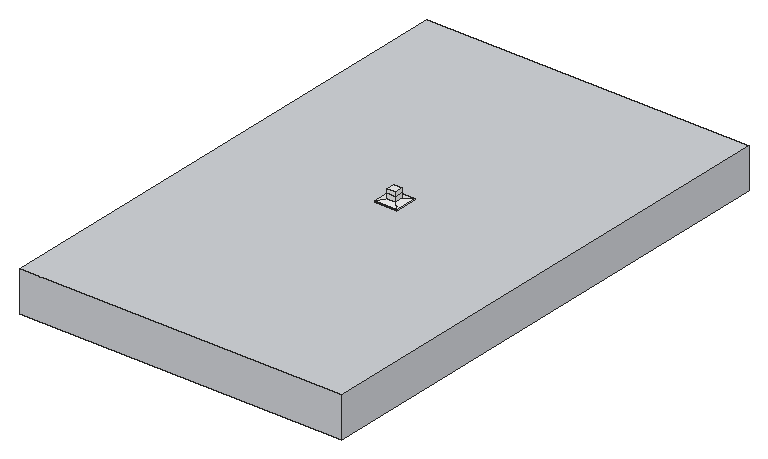
Revit family "Diverter-GROHE-Allure_Brilliant-19799000", category Plumbing Fixtures, host Face, Revit 2014
Parameters (values of type "19799000")
  Width = 6 11/16"  # constant formula
  Waste Connection = no
  Warranty Documentation Link = "https://cdn.cloud.grohe.com/tpi/1000/1900/1940/1949/1949006/original/1949006.pdf"
  WFU = 4  # constant formula
  Vent Connection = no
  URL = "https://www.grohe.us/"
  Type Comments = ""
  Tempered Connection Radius = Tempered Connection Diameter / 2  # 1/4"
  Tempered Connection Diameter = Hot Water Connection Diameter  # 1/2"
  Shipping Weight = 0.838 lbf
  Product Page URL = "https://www.grohe.us/en_us/grohe-allure-brilliant-5-port-diverter-trim-19799000.html"
  Price = "Prices may vary. Please consult Manufacturer Representative for most up-to-date price list."  # constant formula
  Model = "19799000"
  Material = "Metal-Grohe-000-Chrome"
  Manufacturer = "Grohe"
  Length = 3 7/16"  # constant formula
  Installation Type = "Wall Mounted"
  Hot Water Connection Radius = Hot Water Connection Diameter / 2  # 1/4"
  Hot Water Connection Diameter = Cold Water Connection Diameter  # 1/2"
  Height = 40"
  HWFU = 3  # constant formula
  HW Connection = yes
  Flow Rate = "14 gpm at 45 psi"
  Finish = Metal-Grohe-000-Chrome
  Description = "Allure Brilliant 5-Port Diverter Trim"  # constant formula
  Default Elevation = 44"  # constant formula
  Creation Date = "06/22/2017"  # constant formula
  Cold Water Connection Radius = 1/4"  # constant formula
  Cold Water Connection Diameter = Cold Water Connection Radius * 2  # 1/2"
  CWFU = 3  # constant formula
  CW Connection = yes
  Assembly Code = "D2010710"
Reference planes (in)
  plane 1 "Center (Front/Back)": y = 0
  plane 2: z = 0
  plane 3 "Center (Left/Right)": x = 0
  plane 4: y = 40
  plane 5: y = -18
  plane 6: y = -39
  plane 7: y = 3.34375
  plane 8: y = -3.34375
  plane 9: x = 3.34375
  plane 10: x = -3.34375
  plane 11: z = 0.75
  plane 12: y = 1.25
  plane 13: y = -1.25
  plane 14: x = -1.25
  plane 15: x = 1.25
Forms (in)
  Extrusion 1, solid
    sketch origin (0, 0, 0) x (1, 0, 0) y (0, 1, 0)
      loop
        line (-48, 72) -> (-48, -79.70833) -> (48, -79.70833) -> (48, 72) -> (-48, 72)
    from 0 to -12
  Sweep 2, solid, material "Metal-Grohe-000-Chrome" <- "Finish"
    path origin (0, 0, 0) x (1, 0, 0) y (0, 1, 0)
      loop
        line (-3.34375, 3.34375) -> (-3.34375, -3.34375) -> (3.34375, -3.34375) -> (3.34375, 3.34375) -> (-3.34375, 3.34375)
    profile origin (0, 3.34375, 0) x (0, 1, 0) y (0, 0, 1)
      loop
        line (0, 0) -> (0, 0.30718) -> (-2.09375, 0.75) -> (-2.33951, 0.75) -> (-2.33951, 0) -> (0, 0)
  Extrusion 3, solid, material "Metal-Grohe-000-Chrome" <- "Finish"
    sketch origin (0, 0, 0) x (1, 0, 0) y (0, 1, 0)
      loop
        line (-1.25, 1.25) -> (-1.25, -1.25) -> (1.25, -1.25) -> (1.25, 1.25) -> (-1.25, 1.25)
    from 0 to 3.38282
  Extrusion 4, void
    sketch origin (0, 0, 0.79239) x (1, 0, 0) y (0, 1, 0)
      loop
        line (-1.1875, 1.1875) -> (-1.1875, -1.1875) -> (1.1875, -1.1875) -> (1.1875, 1.1875) -> (-1.1875, 1.1875)
      loop
        line (-1.3125, 1.3125) -> (-1.3125, -1.3125) -> (1.3125, -1.3125) -> (1.3125, 1.3125) -> (-1.3125, 1.3125)
    from 1.38932 to 1.45249
Cuts and joins
  Extrusion 4 cuts Extrusion 3
  joined: Sweep 2, Extrusion 3
Lines and regions (in)
  Masking region 1
    outline origin (0, 0, 0) x (1, 0, 0) y (0, 0, 1)
      loop
        line (3.34375, 0) -> (3.34375, 0.30718) -> (1.25, 0.75) -> (1.25, 2.18172) -> (1.1875, 2.18172) -> (1.1875, 2.24488) -> (1.25, 2.24488) -> (1.25, 3.38282) -> (-1.25, 3.38282) -> (-1.25, 2.24488) -> (-1.1875, 2.24488) -> (-1.1875, 2.18172) -> (-1.25, 2.18172) -> (-1.25, 0.75) -> (-3.34375, 0.30718) -> (-3.34375, 0) -> (3.34375, 0)
  symbolic lines, detail levels medium+fine
    curve 1: line (1.25, 0, 0.75) -> (-1.25, 0, 0.75)
  symbolic lines, detail levels fine
    curve 2: line (3.34375, 0, 0.30718) -> (-3.34375, 0, 0.30718)
    curve 3: line (1.1875, 0, 2.18172) -> (-1.1875, 0, 2.18172)
    curve 4: line (1.1875, 0, 2.24488) -> (-1.1875, 0, 2.24488)
    curve 5: line (0.13131, 0, 3.20601) -> (-0.12889, 0, 3.20601)
    curve 6: line (0.13131, 0, 2.4259) -> (0.13131, 0, 3.20601)
    curve 7: line (-0.12889, 0, 2.4259) -> (0.13131, 0, 2.4259)
    curve 8: line (-0.12889, 0, 3.20601) -> (-0.12889, 0, 2.4259)
Dimensions and locks (in)
  plane 1 "Center (Front/Back)" to plane 5 = 18"
  plane 5 to plane 6 = 21"
  plane 1 "Center (Front/Back)" to plane 4 = 40"
  equal spacing: plane 7, plane 1 "Center (Front/Back)", plane 8
  plane 7 to plane 8 = 6 11/16"
  plane 11 to level = 3/4"
  aligned and locked: plane 2 to Extrusion 1
  aligned and locked: level to Extrusion 1
Automatic sketch dimensions
  Extrusion 1 sketch curve to Extrusion 1 sketch curve = 96"
  Extrusion 1 sketch curve to Extrusion 1 sketch curve = 151.70833"
  Sweep 2 sketch curve to plane 8 = 0"
  Sweep 2 sketch curve to plane 10 = 0"
  Sweep 2 sketch curve to plane 9 = 0"
  plane 7 to Sweep 2 sketch curve = 0"
  Sweep 2 sketch curve to level = 0"
  Sweep 2 sketch curve to profile plane = 0"
  level to Sweep 2 sketch curve = 3/4"
  profile plane to Sweep 2 sketch curve = 2 3/32"
  Sweep 2 sketch curve to Sweep 2 sketch curve = 0.24576"
  level to Sweep 2 sketch curve = 0.30718"
  plane 13 to Extrusion 3 sketch curve = 0"
  Extrusion 3 sketch curve to plane 14 = 0"
  Extrusion 3 sketch curve to plane 15 = 0"
  Extrusion 3 sketch curve to plane 12 = 0"
  plane 14 to Extrusion 4 sketch curve = 1/16"
  Extrusion 4 sketch curve to plane 14 = 1/16"
  Extrusion 4 sketch curve to plane 15 = 1/16"
  plane 15 to Extrusion 4 sketch curve = 1/16"
  plane 13 to Extrusion 4 sketch curve = 1/16"
  Extrusion 4 sketch curve to plane 13 = 1/16"
  Extrusion 4 sketch curve to plane 12 = 1/16"
  plane 12 to Extrusion 4 sketch curve = 1/16"
  Masking region 1 sketch curve to level = 0"
  Masking region 1 sketch curve to plane 10 = 0"
  plane 14 to Masking region 1 sketch curve = 0"  (x2)
  Masking region 1 sketch curve to plane 15 = 0"  (x2)
  plane 9 to Masking region 1 sketch curve = 0"
  Masking region 1 sketch curve to Masking region 1 sketch curve = 1/16"  (x2)
  level to Masking region 1 sketch curve = 0.30718"  (x2)
  Masking region 1 sketch curve to Masking region 1 sketch curve = 0.06317"  (x2)
  Masking region 1 sketch curve to Masking region 1 sketch curve = 1.13794"
  curve 2 to plane 10 = 0"
  curve 1 to plane 11 = 0"
  plane 14 to curve 1 = 0"
  curve 1 to plane 15 = 0"
  plane 9 to curve 2 = 0"
  curve 8 to plane 3 "Center (Left/Right)" = 33/256"
  plane 3 "Center (Left/Right)" to curve 6 = 0.13131"
  plane 11 to curve 7 = 1.6759"
  curve 6 to curve 6 = 0.7801"
  curve 3 to plane 14 = 1/16"
  curve 4 to plane 14 = 1/16"
  curve 3 to plane 15 = 1/16"
  curve 4 to plane 15 = 1/16"
  level to curve 2 = 0.30718"
  curve 3 to curve 4 = 0.06317"
  curve 3 to curve 7 = 0.24418"
  Masking region 1 sketch curve to plane 11 = 0"  (x2)
  Masking region 1 sketch curve to Masking region 1 sketch curve = 1.2011"
  Masking region 1 sketch curve to Masking region 1 sketch curve = 1.43172"
Connectors (in)
  piping at (0, 0, 0), diameter 0.5, driven by "Tempered Connection Diameter"
    settings: on cut or joined group of Sweep 2, Extrusion 3, Extrusion 4, index 1, connector inside diameter 24", connector length 0", flow factor 0, pipe flow 0 GPM, pressure drop 0.00 psi, fitting loss kfactor 0, connector angle 0.00°, fixture units 0, engagement length 0", angle of deflection 0.00°, flow configuration 0, flow direction 1, fitting loss method 0, system type 29, joint type 0, gender type 0, connector reference index -1, connector utility 0, adjustable connector no, is connector primary yes, connector description "1/2\" NPT Supply Inlet"
